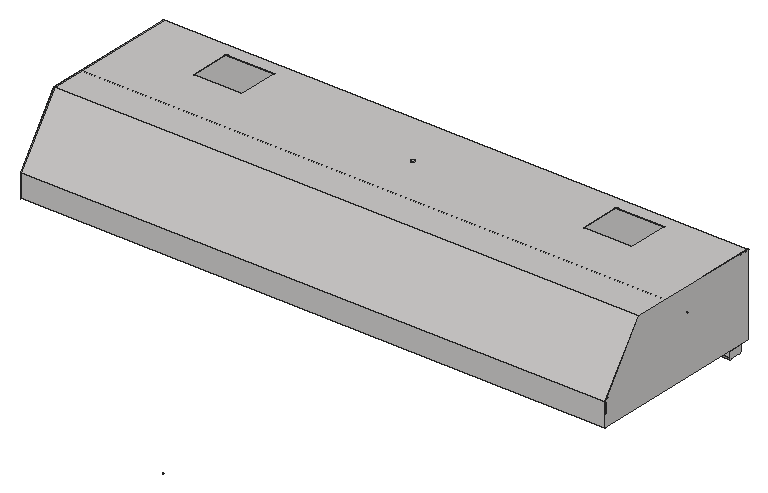
Revit family "QF_ELECTROLUXPROFESSIONAL_644239_ABPV1136DT", category Attrezzature speciali, Revit 2021
Family settings
  Quota connettore circolare = Usa diametro
  Tipo di parte = Normale
  Basato su piano di lavoro = No
  Sempre verticale = Sì
  Taglio con vuoti quando caricato = No
  Condiviso = No
  Punto di calcolo locali = No
Parameters (values of type "Standard")
  Weight = 100.00 kg
  Watts = 1100 W
  Volts = 220 V
  URL Manufacturer = "https://www.electroluxprofessional.com/"
  URL = "https://www.electroluxprofessional.com/"
  Steam Supply Size = 0 mm
  Steam Supply Minimum Pressure = 0.0 Pa
  Steam Supply Maximum Pressure = 0.0 Pa
  Steam Consumption per Hour = 0
  Refrigeration Suction Line Size = 0 mm
  Refrigeration Liquid Line Size = 0 mm
  Refrigerant Compressor Remote = yes
  Prospetto di default = 0 mm
  Produttore = "Electrolux Professional"
  Phase = 1
  Modello = "ABPV1136DT"
  Length Actual = 3600 mm  # constant formula
  Item Number = "644239"
  Hot Water Size = 0 mm
  Height Actual = 500 mm  # constant formula
  HP = "1.5 HP"
  Gas Size = 0 mm
  Gas KW = 0
  Gas Input Pressure = 0 W
  Direct Waste Size = 0 mm
  Descrizione = "304 S/S WALL HOOD+FILTER+FAN 3600X1100MM"
  Depth Actual = 1100 mm  # constant formula
  Cycle = 50 Hz
  Condensate Return Size = 0 mm
  Compressed Air Volume = 0.0 L/s
  Compressed Air Size = 0 mm
  Compressed Air Pressure = 0.0 Pa
  Cold Water Size = 0 mm
  Accessory = yes
Reference planes
  plane 1 "Center (Front/Back)": y = 0
  plane 2: z = 0
  plane 3 "Center (Left/Right)": x = 150
  plane 4 "LEFT": x = -1650
  plane 5 "RIGHT": x = 1950
  plane 6 "BACK": y = 550
  plane 7 "FRONT": y = -550
  plane 8 "TOP": z = 2500
  plane 9 "Base": z = 2000
  plane 10: z = 1926
  plane 11 "DrainY": y = 485
  plane 12: x = -1647
  plane 13: through (0, 414.509, 2000.8) normal (0, 0.7314, 0.682)
  plane 14: y = 470
  plane 15: y = 220
  plane 16 "DrainX": x = 1830
  plane 17: x = -900
  plane 18: x = 1200
  plane 19: x = -1200
  plane 20: x = 1500
  plane 21: x = 1947
  plane 22: x = 1740
  plane 23: x = 1920
  plane 24: x = -1610
  plane 25: x = -1245
  plane 26: x = -850
  plane 27: x = 1910
  plane 28: x = 1545
  plane 29: x = 1150
  plane 30: x = -47.5
  plane 31: x = 347.5
  plane 32: z = 2140
  plane 33: y = -289.2
Forms (mm)
  Extrusion 1, solid, material "QF_Finishes_Stainless Steel"
    sketch origin (-1650, 0, 360) x (0, 1, 0) y (0, 0, 1)
      loop
        line (550, 1640) -> (550, 2140) -> (-289.2, 2140) -> (-550, 1780) -> (-550, 1640) -> (550, 1640)
    from 0 to 3
  Extrusion 2, solid, material "QF_Finishes_Stainless Steel"
    sketch origin (150, 0, 360) x (0, 1, 0) y (0, 0, 1)
      loop
        line (415.255, 1640) -> (550, 1640) -> (550, 2139.19) -> (549.2, 2139.19) -> (549.2, 1640.8) -> (415.876, 1640.8) -> (339.347, 1722.867) -> (349.609, 1732.436) -> (348.927, 1733.167) -> (337.934, 1722.917) -> (415.255, 1640)
      loop
        line (-82.203, 2139.19) -> (-82.203, 2118.6) -> (-31.047, 2118.6) -> (34.354, 2048.466) -> (46.028, 2059.352) -> (45.346, 2060.083) -> (34.403, 2049.879) -> (-30.612, 2119.6) -> (-81.203, 2119.6) -> (-81.203, 2139.19) -> (-82.203, 2139.19)
    from -1797 to 1797
  Extrusion 3, solid, material "QF_Finishes_Stainless Steel"
    sketch origin (1950, 0, 360) x (0, 1, 0) y (0, 0, 1)
      loop
        line (550, 1640) -> (550, 2140) -> (-289.2, 2140) -> (-550, 1780) -> (-550, 1640) -> (550, 1640)
    from 0 to -3
  Extrusion 4, solid, material "QF_Finishes_Stainless Steel"
    sketch origin (150, 0, 360) x (0, 1, 0) y (0, 0, 1)
      loop
        line (550, 2139.19) -> (550, 2140) -> (-289.2, 2140) -> (-550, 1780) -> (-550, 1640) -> (-549.2, 1640) -> (-549.2, 1779.741) -> (-288.799, 2139.19) -> (550, 2139.19)
    from -1800 to 1800
  Extrusion 5, solid, material "QF_Finishes_Stainless Steel"
    sketch origin (150, 0, 360) x (0, 1, 0) y (0, 0, 1)
      loop
        line (534, 1640) -> (436, 1640) -> (436, 1627) -> (443.5, 1627) -> (443.5, 1576)
        arc (443.5, 1576) -> (446.429, 1568.929) -> (453.5, 1566) r 10
        line (453.5, 1566) -> (516.5, 1566)
        arc (516.5, 1566) -> (523.571, 1568.929) -> (526.5, 1576) r 10
        line (526.5, 1576) -> (526.5, 1627) -> (534, 1627) -> (534, 1640)
    from 1590 to 1770
  Extrusion 6, solid, material "QF_Finishes_Stainless Steel"
    sketch origin (0, 0, 2000) x (0, 1, 0) y (-1, 0, 0)
      loop
        circle (485, -1830) r 20
    from -76 to -74
  Extrusion 7, solid, material "QF_Finished_Chrome"
    sketch origin (150, 0, 360) x (0, 1, 0) y (0, 0, 1)
      loop
        line (337.934, 1722.917) -> (341.591, 1726.327) -> (38.011, 2051.876) -> (34.354, 2048.466) -> (337.934, 1722.917)
    from -1395 to -1760
  Extrusion 8, solid, material "QF_Finished_Chrome"
    sketch origin (150, 0, 360) x (0, 1, 0) y (0, 0, 1)
      loop
        line (337.934, 1722.917) -> (341.591, 1726.327) -> (38.011, 2051.876) -> (34.354, 2048.466) -> (337.934, 1722.917)
    from -197.5 to -1000
  Extrusion 9, solid, material "QF_Finishes_Stainless Steel"
    sketch origin (150, 0, 360) x (0, 1, 0) y (0, 0, 1)
      loop
        line (337.934, 1722.917) -> (341.591, 1726.327) -> (38.011, 2051.876) -> (34.354, 2048.466) -> (337.934, 1722.917)
    from 1797 to 1760
  Extrusion 10, solid, material "QF_Finishes_Stainless Steel"
    sketch origin (150, 0, 360) x (0, 1, 0) y (0, 0, 1)
      loop
        line (341.588, 1726.324) -> (38.009, 2051.874) -> (34.354, 2048.466) -> (337.934, 1722.917) -> (341.588, 1726.324)
    from -1395 to -1000
  Extrusion 11, solid, material "QF_Finished_Chrome"
    sketch origin (150, 0, 360) x (0, 1, 0) y (0, 0, 1)
      loop
        line (341.588, 1726.324) -> (38.009, 2051.874) -> (34.354, 2048.466) -> (337.934, 1722.917) -> (341.588, 1726.324)
    from 1395 to 1760
  Extrusion 12, void
    sketch origin (0, 0, 2500) x (0, 1, 0) y (-1, 0, 0)
      loop
        line (470, 1200) -> (220, 1200) -> (220, 900) -> (470, 900) -> (470, 1200)
    from 0 to -10
  Extrusion 13, void
    sketch origin (940, 0, 2500) x (0, 1, 0) y (-1, 0, 0)
      loop
        line (470, -260) -> (220, -260) -> (220, -560) -> (470, -560) -> (470, -260)
    from 0 to -10
  Extrusion 14, solid, material "QF_Finishes_Stainless Steel"
    sketch origin (0, 0, 0) x (1, 0, 0) y (0, 1, 0)
      loop
        line (-1650, 550) -> (-1650, 549) -> (-1649, 549) -> (-1649, 550) -> (-1650, 550)
    from 0 to 1
  Extrusion 15, solid, material "QF_Finishes_Stainless Steel"
    sketch origin (150, 0, 360) x (0, 1, 0) y (0, 0, 1)
      loop
        line (337.934, 1722.917) -> (341.591, 1726.327) -> (38.011, 2051.876) -> (34.354, 2048.466) -> (337.934, 1722.917)
    from -1760 to -1797
  Extrusion 16, solid, material "QF_Finishes_Stainless Steel"
    sketch origin (150, 0, 360) x (0, 1, 0) y (0, 0, -1)
      loop
        line (341.588, -1726.324) -> (337.934, -1722.917) -> (34.354, -2048.466) -> (38.009, -2051.874) -> (341.588, -1726.324)
    from -1395 to -1000
  Extrusion 17, solid, material "QF_Finished_Chrome"
    sketch origin (150, 0, 360) x (0, 1, 0) y (0, 0, 1)
      loop
        line (337.934, 1722.917) -> (341.591, 1726.327) -> (38.011, 2051.876) -> (34.354, 2048.466) -> (337.934, 1722.917)
    from 1000 to 197.5
  Extrusion 18, solid, material "QF_Finishes_Stainless Steel"
    sketch origin (150, 0, 360) x (0, 1, 0) y (0, 0, -1)
      loop
        line (341.588, -1726.324) -> (337.934, -1722.917) -> (34.354, -2048.466) -> (38.009, -2051.874) -> (341.588, -1726.324)
    from -197.5 to 197.5
  Extrusion 19, solid, material "QF_Finishes_Stainless Steel"
    sketch origin (0, 0, 2500) x (0, 1, 0) y (-1, 0, 0)
      loop
        circle (220, -150) r 10
    from 0 to 1.6
Cuts and joins
  Extrusion 12, Extrusion 13 cuts Extrusion 4
  joined: Extrusion 2, Extrusion 4
Lines and regions (mm)
  reference lines
    curve 1: line (150, 34.354, 2408.466) -> (150, 34.354, 2248.466)
  symbolic lines, style "SpecialityEquipment", detail levels coarse
    curve 2: line (1950, 550, 2500) -> (-1650, 550, 2500)
    curve 3: line (-1650, 550, 2500) -> (-1650, -550, 2500)
    curve 4: line (1950, -550, 2500) -> (1950, 550, 2500)
    curve 5: line (-1650, -550, 2500) -> (1950, -550, 2500)
    curve 6: line (-1200, 220, 2500) -> (-900, 220, 2500)
    curve 7: line (-1200, 470, 2500) -> (-1200, 220, 2500)
    curve 8: line (-900, 470, 2500) -> (-1200, 470, 2500)
    curve 9: line (-900, 220, 2500) -> (-900, 470, 2500)
    curve 10: line (1200, 470, 2500) -> (1200, 220, 2500)
    curve 11: line (1200, 220, 2500) -> (1500, 220, 2500)
    curve 12: line (1500, 470, 2500) -> (1200, 470, 2500)
    curve 13: line (1500, 220, 2500) -> (1500, 470, 2500)
    curve 14: line (-1650, -289.2, 0) -> (1950, -289.2, 0)
    curve 15: line (-1650, 550, 0) -> (1950, -289.2, 0)
    curve 16: line (1950, 550, 0) -> (-1650, -289.2, 0)
Dimensions and locks
  plane 4 "LEFT" to plane 5 "RIGHT" = 3600 mm
  equal spacing: plane 4 "LEFT", plane 3 "Center (Left/Right)", plane 5 "RIGHT"
  locked: plane 8 "TOP" to plane 9 "Base" at 500
  plane 9 "Base" to plane 10 = 74 mm
  plane 6 "BACK" to plane 11 "DrainY" = 65 mm  (x2)
  plane 4 "LEFT" to plane 12 = 3 mm
  plane 6 "BACK" to plane 14 = 80 mm
  plane 14 to plane 15 = 250 mm  (x2)
  plane 16 "DrainX" to plane 5 "RIGHT" = 120 mm
  locked: plane 17 to plane 18 at 2100
  equal spacing: plane 17, plane 3 "Center (Left/Right)", plane 18
  plane 19 to plane 17 = 300 mm
  plane 18 to plane 20 = 300 mm
  plane 21 to plane 5 "RIGHT" = 3 mm
  locked: plane 22 to plane 16 "DrainX" at 90
  locked: plane 16 "DrainX" to plane 23 at 90
  plane 6 "BACK" to plane 7 "FRONT" = 1100 mm  (x2)
  equal spacing: plane 6 "BACK", plane 1 "Center (Front/Back)", plane 7 "FRONT"
  plane 15 to plane 7 "FRONT" = 770 mm
  plane 14 to plane 6 "BACK" = 80 mm
  locked: plane 4 "LEFT" to plane 24 at 40
  locked: plane 24 to plane 25 at 365
  locked: plane 25 to plane 26 at 395
  locked: plane 27 to plane 28 at 365
  locked: plane 28 to plane 29 at 395
  locked: plane 27 to plane 5 "RIGHT" at 40
  locked: plane 30 to plane 31 at 395
  equal spacing: plane 30, plane 3 "Center (Left/Right)", plane 31
  plane 26 to plane 30 = 802.5 mm
  plane 31 to plane 29 = 802.5 mm
  plane 33 to plane 7 "FRONT" = 260.8 mm
  plane 32 to plane 9 "Base" = 140 mm
  locked: plane 9 "Base" to level at 2000
  aligned and locked: level to plane 2
  aligned and locked: Extrusion 2 to Extrusion 1
  aligned and locked: Extrusion 2 to Extrusion 3
  aligned and locked: plane 5 "RIGHT" to Extrusion 4
  aligned and locked: Extrusion 4 to plane 4 "LEFT"
  aligned and locked: plane 21 to Extrusion 9
  aligned and locked: plane 19 to Extrusion 12
  aligned and locked: Extrusion 12 to plane 17
  aligned and locked: Extrusion 12 to plane 15
  aligned and locked: Extrusion 12 to plane 14
  aligned and locked: Extrusion 13 to plane 20
  aligned and locked: plane 18 to Extrusion 13
  aligned and locked: plane 23 to Extrusion 5
  aligned and locked: Extrusion 5 to plane 22
  aligned and locked: Extrusion 9 to plane 27
  aligned and locked: Extrusion 11 to plane 27
  aligned and locked: Extrusion 11 to plane 28
  aligned and locked: Extrusion 8 to plane 26
  aligned and locked: plane 26 to Extrusion 10
  aligned and locked: Extrusion 10 to plane 25
  aligned and locked: plane 25 to Extrusion 7
  aligned and locked: Extrusion 7 to plane 24
  aligned and locked: Extrusion 15 to plane 12
  aligned and locked: plane 24 to Extrusion 15
  aligned and locked: Extrusion 16 to plane 29
  aligned and locked: Extrusion 16 to plane 28
  aligned and locked: Extrusion 3 to plane 21
  aligned and locked: plane 30 to Extrusion 8
  aligned and locked: Extrusion 17 to plane 29
  aligned and locked: Extrusion 17 to plane 31
  aligned and locked: plane 31 to Extrusion 18
  aligned and locked: Extrusion 18 to plane 30
Automatic sketch dimensions
  curve 5 to plane 4 "LEFT" = 0 mm
  curve 5 to plane 7 "FRONT" = 0 mm
  curve 9 to plane 15 = 0 mm
  curve 10 to plane 15 = 0 mm
  plane 14 to curve 8 = 0 mm
  plane 14 to curve 12 = 0 mm
  curve 3 to plane 6 "BACK" = 0 mm
  curve 5 to plane 5 "RIGHT" = 0 mm
  curve 11 to plane 20 = 0 mm
  curve 10 to plane 18 = 0 mm
  curve 6 to plane 17 = 0 mm
  curve 6 to plane 19 = 0 mm
  Extrusion 2 sketch curve to plane 13 = 0 mm  (x3)
  Extrusion 2 sketch curve to plane 9 "Base" = 0 mm
  plane 13 to Extrusion 2 sketch curve = 0 mm
  Extrusion 2 sketch curve to plane 6 "BACK" = 0 mm
  Extrusion 2 sketch curve to Extrusion 2 sketch curve = 65.646 mm
  Extrusion 2 sketch curve to Extrusion 2 sketch curve = 0.682 mm  (x2)
  Extrusion 2 sketch curve to Extrusion 2 sketch curve = 10.261 mm
  plane 9 "Base" to Extrusion 2 sketch curve = 82.917 mm
  Extrusion 2 sketch curve to plane 1 "Center (Front/Back)" = 46.028 mm
  Extrusion 2 sketch curve to Extrusion 2 sketch curve = 10.942 mm
  Extrusion 2 sketch curve to Extrusion 2 sketch curve = 0.049 mm
  Extrusion 2 sketch curve to plane 8 "TOP" = 20.4 mm
  Extrusion 2 sketch curve to plane 8 "TOP" = 21.4 mm
  Extrusion 2 sketch curve to plane 8 "TOP" = 0.81 mm  (x2)
  Extrusion 2 sketch curve to Extrusion 2 sketch curve = 50.156 mm
  Extrusion 2 sketch curve to Extrusion 2 sketch curve = 1 mm
  plane 9 "Base" to Extrusion 2 sketch curve = 0.8 mm
  Extrusion 2 sketch curve to plane 6 "BACK" = 0.8 mm
  Extrusion 3 sketch curve to plane 6 "BACK" = 0 mm
  curve 1 to plane 13 = 0 mm
  curve 1 to plane 1 "Center (Front/Back)" = 34.354 mm
  Extrusion 5 sketch curve to plane 9 "Base" = 0 mm
  Extrusion 5 sketch curve to plane 10 = 0 mm
  Extrusion 5 sketch curve to plane 9 "Base" = 13 mm  (x2)
  plane 14 to Extrusion 5 sketch curve = 34 mm
  Extrusion 5 sketch curve to Extrusion 5 sketch curve = 7.5 mm  (x2)
  Extrusion 5 sketch curve to Extrusion 5 sketch curve = 10 mm
  plane 11 "DrainY" to Extrusion 5 sketch curve = 31.5 mm
  Extrusion 5 sketch curve to plane 6 "BACK" = 23.5 mm
  Extrusion 6 sketch curve to plane 11 "DrainY" = 0 mm
  Extrusion 6 sketch curve to plane 16 "DrainX" = 0 mm
  Extrusion 7 sketch curve to plane 13 = 0 mm  (x2)
  Extrusion 7 sketch curve to plane 1 "Center (Front/Back)" = 34.354 mm
  Extrusion 7 sketch curve to Extrusion 7 sketch curve = 3.657 mm
  plane 9 "Base" to Extrusion 7 sketch curve = 82.917 mm
  Extrusion 8 sketch curve to plane 13 = 0 mm  (x2)
  Extrusion 8 sketch curve to plane 1 "Center (Front/Back)" = 34.354 mm
  Extrusion 8 sketch curve to Extrusion 8 sketch curve = 3.657 mm
  plane 9 "Base" to Extrusion 8 sketch curve = 82.917 mm
  Extrusion 9 sketch curve to plane 13 = 0 mm  (x2)
  Extrusion 9 sketch curve to plane 1 "Center (Front/Back)" = 34.354 mm
  Extrusion 9 sketch curve to Extrusion 9 sketch curve = 3.657 mm
  plane 9 "Base" to Extrusion 9 sketch curve = 82.917 mm
  Extrusion 10 sketch curve to plane 13 = 0 mm  (x2)
  Extrusion 10 sketch curve to plane 1 "Center (Front/Back)" = 34.354 mm
  Extrusion 10 sketch curve to Extrusion 10 sketch curve = 3.655 mm
  plane 9 "Base" to Extrusion 10 sketch curve = 82.917 mm
  Extrusion 11 sketch curve to plane 13 = 0 mm  (x2)
  Extrusion 11 sketch curve to plane 1 "Center (Front/Back)" = 34.354 mm
  Extrusion 11 sketch curve to Extrusion 11 sketch curve = 3.655 mm
  plane 9 "Base" to Extrusion 11 sketch curve = 82.917 mm
  Extrusion 12 sketch curve to plane 15 = 0 mm
  plane 14 to Extrusion 12 sketch curve = 0 mm
  Extrusion 12 sketch curve to plane 17 = 0 mm
  Extrusion 12 sketch curve to plane 19 = 0 mm
  Extrusion 13 sketch curve to plane 15 = 0 mm
  plane 14 to Extrusion 13 sketch curve = 0 mm
  Extrusion 13 sketch curve to plane 20 = 0 mm
  Extrusion 13 sketch curve to plane 18 = 0 mm
  Extrusion 14 sketch curve to plane 4 "LEFT" = 0 mm
  Extrusion 14 sketch curve to plane 6 "BACK" = 0 mm
  plane 4 "LEFT" to Extrusion 14 sketch curve = 1 mm
  Extrusion 14 sketch curve to Extrusion 14 sketch curve = 1 mm
  Extrusion 15 sketch curve to plane 13 = 0 mm  (x2)
  Extrusion 15 sketch curve to plane 1 "Center (Front/Back)" = 34.354 mm
  Extrusion 15 sketch curve to Extrusion 15 sketch curve = 3.657 mm
  plane 9 "Base" to Extrusion 15 sketch curve = 82.917 mm
  Extrusion 16 sketch curve to plane 13 = 0 mm  (x2)
  Extrusion 16 sketch curve to plane 1 "Center (Front/Back)" = 34.354 mm
  Extrusion 16 sketch curve to Extrusion 16 sketch curve = 3.655 mm
  plane 9 "Base" to Extrusion 16 sketch curve = 82.917 mm
  Extrusion 17 sketch curve to plane 13 = 0 mm  (x2)
  Extrusion 17 sketch curve to plane 1 "Center (Front/Back)" = 34.354 mm
  Extrusion 17 sketch curve to Extrusion 17 sketch curve = 3.657 mm
  plane 9 "Base" to Extrusion 17 sketch curve = 82.917 mm
  Extrusion 18 sketch curve to plane 13 = 0 mm  (x2)
  Extrusion 18 sketch curve to plane 1 "Center (Front/Back)" = 34.354 mm
  Extrusion 18 sketch curve to Extrusion 18 sketch curve = 3.655 mm
  plane 9 "Base" to Extrusion 18 sketch curve = 82.917 mm
  curve 1 to curve 1 = 160 mm
  Extrusion 4 sketch curve to plane 7 "FRONT" = 0 mm
  Extrusion 4 sketch curve to plane 8 "TOP" = 0 mm
  Extrusion 4 sketch curve to plane 33 = 0 mm
  Extrusion 4 sketch curve to plane 6 "BACK" = 0 mm
  Extrusion 4 sketch curve to plane 9 "Base" = 0 mm
  Extrusion 4 sketch curve to plane 32 = 0 mm
  Extrusion 4 sketch curve to plane 32 = 0.259 mm
  plane 7 "FRONT" to Extrusion 4 sketch curve = 0.8 mm
  Extrusion 4 sketch curve to Extrusion 4 sketch curve = 0.81 mm
  Extrusion 4 sketch curve to plane 33 = 0.401 mm
  Extrusion 1 sketch curve to plane 7 "FRONT" = 0 mm
  Extrusion 1 sketch curve to plane 8 "TOP" = 0 mm
  Extrusion 1 sketch curve to plane 33 = 0 mm
  Extrusion 1 sketch curve to plane 6 "BACK" = 0 mm
  Extrusion 1 sketch curve to plane 9 "Base" = 0 mm
  Extrusion 1 sketch curve to plane 32 = 0 mm
  Extrusion 3 sketch curve to plane 7 "FRONT" = 0 mm
  Extrusion 3 sketch curve to plane 33 = 0 mm
  Extrusion 3 sketch curve to plane 32 = 0 mm
  Extrusion 3 sketch curve to plane 9 "Base" = 0 mm
  Extrusion 3 sketch curve to plane 8 "TOP" = 0 mm
  curve 15 to plane 4 "LEFT" = 0 mm
  curve 14 to plane 4 "LEFT" = 0 mm
  curve 16 to plane 5 "RIGHT" = 0 mm
  curve 15 to plane 5 "RIGHT" = 0 mm
  plane 33 to curve 14 = 0 mm
  curve 16 to plane 6 "BACK" = 0 mm
  curve 15 to plane 6 "BACK" = 0 mm
  Extrusion 19 sketch curve to plane 3 "Center (Left/Right)" = 0 mm
  Extrusion 19 sketch curve to plane 15 = 0 mm
  radius of Extrusion 6 sketch curve = 20 mm
  radius of Extrusion 19 sketch curve = 10 mm
Connectors
  piping at (1830, 485, 1924), diameter 20
    settings: on Extrusion 6, index 1, connector inside diameter 609.6 mm, connector length 0 mm, flow factor 0, pipe flow 0.0 L/s, pressure drop 0.0 Pa, fitting loss kfactor 0, connector angle 0.00°, fixture units 0, engagement length 0 mm, angle of deflection 0.00°, flow configuration 1, flow direction 2, fitting loss method 0, system type 16, joint type 0, gender type 0, connector reference index -1, connector utility 0, adjustable connector no, is connector primary yes, connector description "Drain"
  hvac at (-1050, 345, 2500)
    settings: on Extrusion 12, index 2, duct flow 0.0 L/s, flow factor 0, pres drop 0.0 Pa, loss coef 0, conn angle 0.00°, conn width 250 mm, conn height 300 mm, conn diameter 609.6 mm, duct sys type 3, conn prof type 1, flow config 1, flow direction 0, loss method 0, conn ref index -1, conn util no, is conn primary yes, conn desc "EXHAUST OUTLET"
  hvac at (1350, 345, 2500)
    settings: on Extrusion 13, index 3, duct flow 0.0 L/s, flow factor 0, pres drop 0.0 Pa, loss coef 0, conn angle 0.00°, conn width 250 mm, conn height 300 mm, conn diameter 609.6 mm, duct sys type 3, conn prof type 1, flow config 1, flow direction 2, loss method 0, conn ref index -1, conn util no, is conn primary no, conn desc "EXHAUST OUTLET"
  electrical at (150, 220, 2501.6), driven by "Volts"
    settings: on Extrusion 19, index 4, voltage 220 V, apparent load 0 VA, apparent load phase1 0 VA, apparent load phase2 0 VA, apparent load phase3 0 VA, power factor 1, load classification "Other", number of poles 1, system type 30, power factor state 1, is connector primary yes, connector utility no, sub classification motor no, connector description "Electrical Connection"
